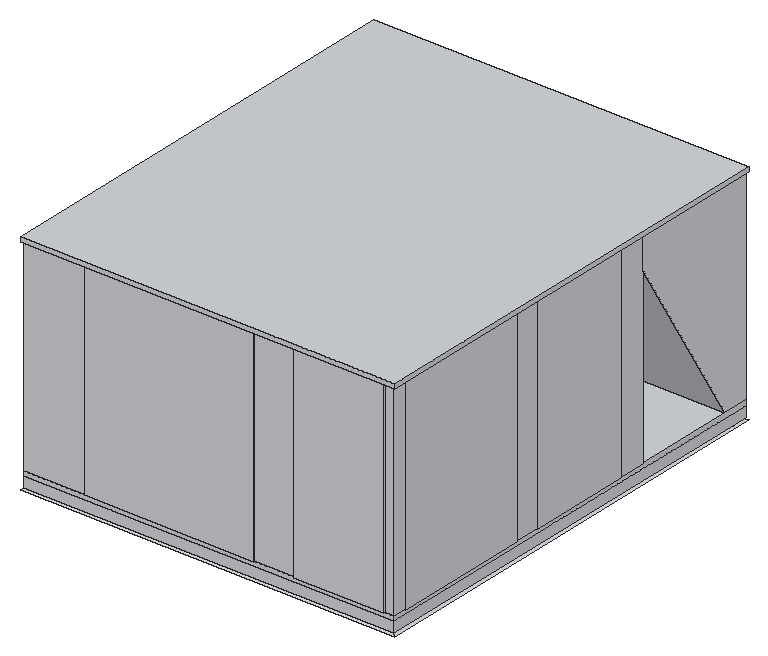
Revit family "Family3", category Generic Models, host Face, Revit 2025
Family settings
  Host = Face
  Can host rebar = No
  Round Connector Dimension = Use Diameter
  Part Type = Normal
  Cut with Voids When Loaded = No
  Maintain Annotation Orientation = No
  Shared = No
  Room Calculation Point = No
Parameters
  Default Elevation = 48"
Reference planes (in)
  plane 1 "Center (Front/Back)": y = 0
  plane 2: z = 0
  plane 3 "Center (Left/Right)": x = 0
  plane 4: z = 53.5625
  plane 5: x = 44.5625
  plane 6: x = -44.5625
  plane 7: y = -52.75
  plane 8: y = 22.0625
  plane 9: z = 45.75
  plane 10: y = 46.875
  plane 11: z = 54.625
Forms (in)
  Extrusion 1, solid
    sketch origin (0, 0, 0) x (1, 0, 0) y (0, 1, 0)
      loop
        line (-44.5625, 22.0625) -> (-44.5625, -52.75) -> (44.5625, -52.75) -> (44.5625, 22.0625) -> (-44.5625, 22.0625)
    from 4.125 to 53.5625
  Extrusion 2, solid
    sketch origin (0, 0, -50.125) x (1, 0, 0) y (0, 1, 0)
      loop
        line (-44.5625, 53.25) -> (-44.5625, -52.75) -> (44.5625, -52.75) -> (44.5625, 53.25) -> (-44.5625, 53.25)
    from 53.0625 to 54.25
  Extrusion 3, solid
    sketch origin (0, 0, -51.3125) x (1, 0, 0) y (0, 1, 0)
      loop
        line (-44.5625, 53.25) -> (-44.5625, -52.75) -> (44.5625, -52.75) -> (44.5625, 53.25) -> (-44.5625, 53.25)
    from 51.6875 to 54.25
  Blend 4, solid
    base sketch origin (0, 0, 0) x (1, 0, 0) y (0, 1, 0)
      loop
        line (-45.0625, 53.25) -> (-45.0625, -53.25) -> (45.0625, -53.25) -> (45.0625, 53.25) -> (-45.0625, 53.25)
    top sketch origin (0, 0, 0) x (1, 0, 0) y (0, 1, 0)
      loop
        line (-44.5625, 52.75) -> (-44.5625, -52.75) -> (44.5625, -52.75) -> (44.5625, 52.75) -> (-44.5625, 52.75)
    from 0 to 0.375
  Extrusion 5, solid
    sketch origin (0, 0, 0) x (0, 1, 0) y (0, 0, 1)
      loop
        line (22.0625, 45.75) -> (46.875, 4.125) -> (53.25, 4.125) -> (53.25, 53.5625) -> (22.0625, 53.5625) -> (22.0625, 45.75)
    from -44.5625 to 44.5625
  Extrusion 6, solid
    sketch origin (0, 0, 0) x (1, 0, 0) y (0, 1, 0)
      loop
        line (-45.0625, 53.25) -> (-45.0625, -53.25) -> (45.0625, -53.25) -> (45.0625, 53.25) -> (-45.0625, 53.25)
    from 53.5625 to 54.625
Dimensions and locks (in)
  equal spacing: Extrusion 1 sketch curve, plane 3 "Center (Left/Right)", Extrusion 1 sketch curve
  plane 3 "Center (Left/Right)" to Extrusion 1 sketch curve = 44 9/16"
  Extrusion 1 sketch curve to Extrusion 1 sketch curve = 89 1/8"
  plane 1 "Center (Front/Back)" to Extrusion 1 sketch curve = 52 3/4"
  Extrusion 1 sketch curve to Extrusion 1 sketch curve = 74 13/16"
  plane 4 to plane 2 = 53 9/16"  (x2)
  Extrusion 1 to nested 1 = 3 1/8"  (x2)
  plane 4 to nested 1 = 0"
  nested 1 to nested 2 = 6 3/8"
  Extrusion 1 to nested 3 = 2 5/16"
  nested 3 to nested 4 = 9 13/16"
  plane 2 to plane 4 = 53 9/16"
  Extrusion 2 sketch curve to Extrusion 2 sketch curve = 89 1/8"  (x2)
  Extrusion 2 sketch curve to Extrusion 2 sketch curve = 106"  (x2)
  Extrusion 3 sketch curve to Extrusion 3 sketch curve = 89 1/8"  (x2)
  Extrusion 3 sketch curve to Extrusion 3 sketch curve = 106"  (x2)
  plane 6 to Extrusion 1 = 0"
  nested 1 to nested 1 = 33 1/2"
  aligned and locked: host face to plane 2
  aligned and locked: host face to level
  aligned and locked: plane 4 to Extrusion 1
  aligned and locked: plane 4 to Extrusion 5
  aligned and locked: Extrusion 6 to plane 4
  aligned and locked: plane 11 to Extrusion 6
Nested families (in)
  nested 1: "Panel" at (44.5625, -32.875, 28.84375) x (0, 1, 0) z (1, 0, 0), type "Panel"
    with Width 33 1/2", Length 49 7/16"
  nested 2: "Panel" at (44.5625, 2.6875, 28.84375) x (0, 1, 0) z (1, 0, 0), type "Panel"
    with Width 24 7/8", Length 49 7/16"
  nested 3: "Panel" at (31.46875, -52.75, 28.84375) x (-1, 0, 0) z (0, -1, 0), type "Panel"
    with Width 21 9/16", Length 49 7/16"
  nested 4: "Panel" at (-9.46875, -52.75, 28.84375) x (-1, 0, 0) z (0, -1, 0), type "Panel"
    with Width 40 11/16", Length 49 7/16"
  nested 5: "Panel" at (-44.5625, -32.875, 28.84375) x (0, 1, 0) z (-1, 0, 0), type "Panel"
    with Width 33 1/2", Length 49 7/16"
  nested 6: "Panel" at (-44.5625, 2.6875, 28.84375) x (0, 1, 0) z (-1, 0, 0), type "Panel"
    with Width 24 7/8", Length 49 7/16"
Definition of nested family "Panel"
  Parameters (values of type "Panel")
    Width [instance] = 21 9/16"
    Length [instance] = 49 7/16"
    Default Elevation = 48"
  Reference planes (in)
    plane 1 "Center (Front/Back)": y = 0
    plane 2: z = 0
    plane 3 "Center (Left/Right)": x = 0
    plane 4: z = 0.25
    plane 5: x = -10.78125
    plane 6: x = 10.78125
    plane 7: y = 24.71875
    plane 8: y = -24.71875
  Forms (in)
    Extrusion 1, solid
      sketch origin (0, 0, 0) x (1, 0, 0) y (0, 1, 0)
        loop
          line (-48, 48) -> (-48, -48) -> (48, -48) -> (48, 48) -> (-48, 48)
      from 0 to -12
    Extrusion 2, solid
      sketch origin (0, 0, 0) x (1, 0, 0) y (0, 1, 0)
        loop
          line (-10.78125, 24.71875) -> (-10.78125, -24.71875) -> (10.78125, -24.71875) -> (10.78125, 24.71875) -> (-10.78125, 24.71875)
      from 0 to 0.25
  Dimensions and locks (in)
    plane 4 to plane 2 = 1/4"
    equal spacing: plane 5, plane 3 "Center (Left/Right)", plane 6
    equal spacing: plane 7, plane 1 "Center (Front/Back)", plane 8
    "Length": plane 7 to plane 8
    "Width": plane 5 to plane 6
    aligned and locked: plane 2 to Extrusion 1
    aligned and locked: level to Extrusion 1
    aligned and locked: plane 4 to Extrusion 2
    aligned and locked: Extrusion 2 to plane 6
    aligned and locked: Extrusion 2 to plane 5
    aligned and locked: plane 8 to Extrusion 2
    aligned and locked: plane 7 to Extrusion 2
  Automatic sketch dimensions
    Extrusion 1 sketch curve to Extrusion 1 sketch curve = 96"  (x2)
    plane 5 to Extrusion 2 sketch curve = 0"
    Extrusion 2 sketch curve to plane 6 = 0"
    plane 1 "Center (Front/Back)" to Extrusion 2 sketch curve = 24 23/32"
    Extrusion 2 sketch curve to plane 1 "Center (Front/Back)" = 24 23/32"
